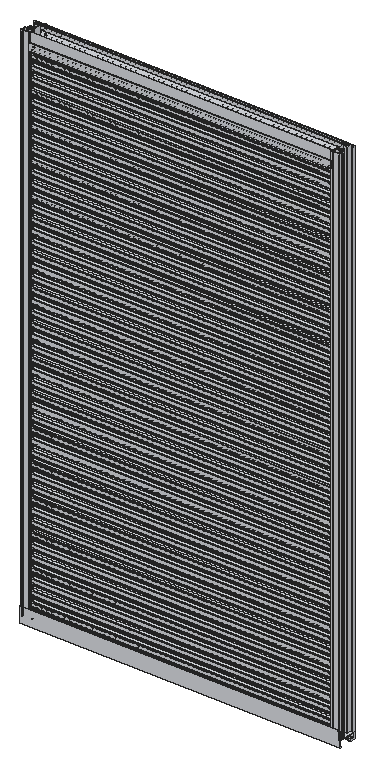
Revit family "All-Lite ECD-245", category Mechanical Equipment, host Wall, Revit 2013
Parameters
  Width Control = if(Width < Min Width, Min Width, if(Width > Max Width, Max Width, Width))  # 3' - 0"
  Width = 3' - 0"
  Warranty = "http://alllite.com/assets/All-Lite-Warranty.pdf"
  Free Area = "48'' × 48'' unit: 6.6 ft2 41.3%"  # constant formula
  Free Area Velocity @ Beginning Point of Water Penetration = "1172 fpm"  # constant formula
  Air Volume Delivered @ Beginning Point of Water Penetration = "7744 fpm"  # constant formula
  Pressure Loss @ Beginning Point of Water Penetration = ".37 in.wg."  # constant formula
  Velocity @ 0.15 in.wg. Pressure Loss = "760 fpm"  # constant formula
  Max Width to Center of Damper = 0' - 2 1/2"  # constant formula
  Jamb Height = Height - 0' 0 3/4"  # 4' - 11 1/4"
  Description = "The ECD-245 offers exceptional protection against winddriven\r\nrain under the most severe conditions. The ECD-245\r\nincorporates horizontal blades and is available in a wide\r\narray of anodized and painted finishes including custom\r\ncolor matching."  # constant formula
  Design Load = "20 psf"  # constant formula
  URL = "http://alllite.com/"
  Specifications = "http://www.alllite.com/catalog.php?model=ECD-245"
  Product URL = "http://www.alllite.com/catalog.php?model=ECD-245"
  Frame Material = none
  Face of Frame From Face of Wall = 0' - 0 1/2"
  Center Damper Control = if(Face of Frame From Face of Wall > 0' 2 1/2", Max Width to Center of Damper, Face of Frame From Face of Wall)  # 0' - 0 1/2"
  Omni Class Title = "Louver"  # constant formula
  Omni Class Code = "22-23 09 13 43"  # constant formula
  Minimum Size = "4'' x 5''"  # constant formula
  Maximum Size (Single Section) = "60'' x 120'', 120'' x 60''"  # constant formula
  Screen = "1/2'' × 0.063'' expanded and flattened aluminum"  # constant formula
  Mullion = "Visible"  # constant formula
  Maximum Size (Multiple Section) = "Unlimited"  # constant formula
  Model = "ECD-245"  # constant formula
  Min Width = 0' - 5"  # constant formula
  Min Height = 0' - 4"  # constant formula
  Max Width = 10' - 0"  # constant formula
  Max Height = 10' - 0"  # constant formula
  Manufacturer = "Pottorff"  # constant formula
  Blade Material = none
  Height Control = if(Height < Min Height, Min Height, if(Height > Max Height, Max Height, Height))  # 5' - 0"
  Height = 5' - 0"
  Frame = "2'' deep × 0.060'' thick channel"  # constant formula
  Default Height = 4' - 0"
  Cut Sheet = "http://alllite.com/media/resource/ECD245.pdf"
  Blades = "0.060'' thick horizontal chevron style"  # constant formula
  Blade Width = Width - 0' 2"  # 2' - 10"
  Assembly Code = "B2010300"
  Array = (Height - 0' 2 1/4") / 0' 1 3/16"  # 49
  95 CSI = ""
  04 CSI = ""
Reference planes (in)
  plane 1: y = 0
  plane 2 "Center (Left/Right)": x = 0
  plane 3 "Wall Edge": y = 3
  plane 4: x = -18
  plane 5 "blade": y = 2.5
  plane 6: z = 48
  plane 7: z = 108
  plane 8: z = 78
  plane 9: x = 18
  plane 10: z = 106.5
Lines and regions (in)
  Opening 1
    outline origin (-60, -3, 0) x (1, 0, 0) y (0, 0, 1)
      loop
        line (78, 108) -> (42, 108) -> (42, 48) -> (78, 48) -> (78, 108)
Text (in)
  text "Placement Side" at (0, 40.15149, 123.01588), in view "Right"
  text "Placement Side" at (-70.3804, 28.46503, 0), in view "Ref. Level"
  text "Placement Side" at (0, 81.62555, 140.59947), in view "Left"
Dimensions and locks (in)
  locked: plane 3 "Wall Edge" to host wall
  "Height": plane 6 to plane 7
  equal spacing: plane 4, plane 2 "Center (Left/Right)", plane 9
  "Default Height": level to plane 6
  equal spacing: plane 6, plane 8, plane 7
  "Width": plane 9 to plane 4
  locked: plane 10 to plane 7 at 1.5
  equal spacing: group 1, group 3, group 4, group 5, group 6, group 7, group 8, group 9, group 10, group 11, group 12, group 13, group 14, group 15, group 16, group 17, group 18, group 19, group 20, group 21, group 22, group 23, group 24, group 25, group 26, group 27, group 28, group 29, group 30, group 31, group 32, group 33, group 34, group 35, group 36, group 37, group 38, group 39, group 40, group 41, group 42, group 43, group 44, group 45, group 46, group 47, group 48, group 49, group 2  (x3)
  "Face of Frame From Face of Wall": plane 5 "blade" to host wall
  aligned and locked: Opening 1 sketch curve to plane 9
  aligned and locked: Opening 1 sketch curve to plane 4
  aligned and locked: plane 5 "blade" to nested 1
  aligned and locked: plane 4 to nested 2
  aligned and locked: nested 3 to plane 9
  aligned and locked: nested 3 to plane 5 "blade"
  aligned and locked: plane 5 "blade" to nested 2
  aligned and locked: nested 1 to plane 2 "Center (Left/Right)"
  aligned and locked: nested 4 to plane 6
  aligned and locked: plane 5 "blade" to nested 4
  aligned and locked: nested 3 to nested 4
  aligned and locked: nested 2 to nested 4
  aligned and locked: nested 5 to plane 7
  aligned and locked: nested 5 to plane 5 "blade"
  aligned and locked: plane 5 "blade" to nested 6
  aligned and locked: plane 7 to nested 6
  aligned and locked: nested 1 to nested 4
  aligned and locked: nested 7 to plane 10
  aligned and locked: plane 5 "blade" to nested 7
Automatic sketch dimensions
  Opening 1 sketch curve to plane 6 = 0' - 0"
  Opening 1 sketch curve to plane 7 = 0' - 0"
Nested families (in)
  nested 1: "M-54147 Blade" at (0, 2.5, 48.75) x (-1, 0, 0) z (0, 0, 1), type "M-54147 Blade"
    with W 2' - 10"
  nested 2: "M-54108 Jamb" at (-17, 2.5, 48.75) x (-1, 0, 0) z (0, 0, 1), type "M-54108 Jamb"
    with H 4' - 11 1/4"
  nested 3: "M-54108 Jamb" at (17, 2.5, 48.75), type "M-54108 Jamb"
    with H 4' - 11 1/4"
  nested 4: "M-54116 Base" at (0, 2.5, 48) x (-1, 0, 0) z (0, 0, 1), type "M-54116 Base"
    with W 3' - 0"
  nested 5: "M-54116 Base" at (0, 0.375, 106.25) x (-1, 0, 0) z (0, 0, 1), type "M-54116 Top"
    with W 2' - 10"
  nested 6: "M-54147 BladeTop" at (0, 2.5, 106.25) x (-1, 0, 0) z (0, 0, 1), type "M-54147 BladeTop"
    with W 2' - 10"
  nested 7: "M-54147 Blade" at (0, 2.5, 105.314) x (-1, 0, 0) z (0, 0, 1), type "M-54147 Blade"
    with W 2' - 10"
  nested 8: "M-54147 Blade" at (0, 2.5, 49.92842) x (-1, 0, 0) z (0, 0, 1), type "M-54147 Blade"
    with W 2' - 10"
  nested 9: "M-54147 Blade" at (0, 2.5, 51.10683) x (-1, 0, 0) z (0, 0, 1), type "M-54147 Blade"
    with W 2' - 10"
  nested 10: "M-54147 Blade" at (0, 2.5, 52.28525) x (-1, 0, 0) z (0, 0, 1), type "M-54147 Blade"
    with W 2' - 10"
  nested 11: "M-54147 Blade" at (0, 2.5, 53.46367) x (-1, 0, 0) z (0, 0, 1), type "M-54147 Blade"
    with W 2' - 10"
  nested 12: "M-54147 Blade" at (0, 2.5, 54.64208) x (-1, 0, 0) z (0, 0, 1), type "M-54147 Blade"
    with W 2' - 10"
  nested 13: "M-54147 Blade" at (0, 2.5, 55.8205) x (-1, 0, 0) z (0, 0, 1), type "M-54147 Blade"
    with W 2' - 10"
  nested 14: "M-54147 Blade" at (0, 2.5, 56.99892) x (-1, 0, 0) z (0, 0, 1), type "M-54147 Blade"
    with W 2' - 10"
  nested 15: "M-54147 Blade" at (0, 2.5, 58.17733) x (-1, 0, 0) z (0, 0, 1), type "M-54147 Blade"
    with W 2' - 10"
  nested 16: "M-54147 Blade" at (0, 2.5, 59.35575) x (-1, 0, 0) z (0, 0, 1), type "M-54147 Blade"
    with W 2' - 10"
  nested 17: "M-54147 Blade" at (0, 2.5, 60.53417) x (-1, 0, 0) z (0, 0, 1), type "M-54147 Blade"
    with W 2' - 10"
  nested 18: "M-54147 Blade" at (0, 2.5, 61.71258) x (-1, 0, 0) z (0, 0, 1), type "M-54147 Blade"
    with W 2' - 10"
  nested 19: "M-54147 Blade" at (0, 2.5, 62.891) x (-1, 0, 0) z (0, 0, 1), type "M-54147 Blade"
    with W 2' - 10"
  nested 20: "M-54147 Blade" at (0, 2.5, 64.06942) x (-1, 0, 0) z (0, 0, 1), type "M-54147 Blade"
    with W 2' - 10"
  nested 21: "M-54147 Blade" at (0, 2.5, 65.24783) x (-1, 0, 0) z (0, 0, 1), type "M-54147 Blade"
    with W 2' - 10"
  nested 22: "M-54147 Blade" at (0, 2.5, 66.42625) x (-1, 0, 0) z (0, 0, 1), type "M-54147 Blade"
    with W 2' - 10"
  nested 23: "M-54147 Blade" at (0, 2.5, 67.60467) x (-1, 0, 0) z (0, 0, 1), type "M-54147 Blade"
    with W 2' - 10"
  nested 24: "M-54147 Blade" at (0, 2.5, 68.78308) x (-1, 0, 0) z (0, 0, 1), type "M-54147 Blade"
    with W 2' - 10"
  nested 25: "M-54147 Blade" at (0, 2.5, 69.9615) x (-1, 0, 0) z (0, 0, 1), type "M-54147 Blade"
    with W 2' - 10"
  nested 26: "M-54147 Blade" at (0, 2.5, 71.13992) x (-1, 0, 0) z (0, 0, 1), type "M-54147 Blade"
    with W 2' - 10"
  nested 27: "M-54147 Blade" at (0, 2.5, 72.31833) x (-1, 0, 0) z (0, 0, 1), type "M-54147 Blade"
    with W 2' - 10"
  nested 28: "M-54147 Blade" at (0, 2.5, 73.49675) x (-1, 0, 0) z (0, 0, 1), type "M-54147 Blade"
    with W 2' - 10"
  nested 29: "M-54147 Blade" at (0, 2.5, 74.67517) x (-1, 0, 0) z (0, 0, 1), type "M-54147 Blade"
    with W 2' - 10"
  nested 30: "M-54147 Blade" at (0, 2.5, 75.85358) x (-1, 0, 0) z (0, 0, 1), type "M-54147 Blade"
    with W 2' - 10"
  nested 31: "M-54147 Blade" at (0, 2.5, 77.032) x (-1, 0, 0) z (0, 0, 1), type "M-54147 Blade"
    with W 2' - 10"
  nested 32: "M-54147 Blade" at (0, 2.5, 78.21042) x (-1, 0, 0) z (0, 0, 1), type "M-54147 Blade"
    with W 2' - 10"
  nested 33: "M-54147 Blade" at (0, 2.5, 79.38883) x (-1, 0, 0) z (0, 0, 1), type "M-54147 Blade"
    with W 2' - 10"
  nested 34: "M-54147 Blade" at (0, 2.5, 80.56725) x (-1, 0, 0) z (0, 0, 1), type "M-54147 Blade"
    with W 2' - 10"
  nested 35: "M-54147 Blade" at (0, 2.5, 81.74567) x (-1, 0, 0) z (0, 0, 1), type "M-54147 Blade"
    with W 2' - 10"
  nested 36: "M-54147 Blade" at (0, 2.5, 82.92408) x (-1, 0, 0) z (0, 0, 1), type "M-54147 Blade"
    with W 2' - 10"
  nested 37: "M-54147 Blade" at (0, 2.5, 84.1025) x (-1, 0, 0) z (0, 0, 1), type "M-54147 Blade"
    with W 2' - 10"
  nested 38: "M-54147 Blade" at (0, 2.5, 85.28092) x (-1, 0, 0) z (0, 0, 1), type "M-54147 Blade"
    with W 2' - 10"
  nested 39: "M-54147 Blade" at (0, 2.5, 86.45933) x (-1, 0, 0) z (0, 0, 1), type "M-54147 Blade"
    with W 2' - 10"
  nested 40: "M-54147 Blade" at (0, 2.5, 87.63775) x (-1, 0, 0) z (0, 0, 1), type "M-54147 Blade"
    with W 2' - 10"
  nested 41: "M-54147 Blade" at (0, 2.5, 88.81617) x (-1, 0, 0) z (0, 0, 1), type "M-54147 Blade"
    with W 2' - 10"
  nested 42: "M-54147 Blade" at (0, 2.5, 89.99458) x (-1, 0, 0) z (0, 0, 1), type "M-54147 Blade"
    with W 2' - 10"
  nested 43: "M-54147 Blade" at (0, 2.5, 91.173) x (-1, 0, 0) z (0, 0, 1), type "M-54147 Blade"
    with W 2' - 10"
  nested 44: "M-54147 Blade" at (0, 2.5, 92.35142) x (-1, 0, 0) z (0, 0, 1), type "M-54147 Blade"
    with W 2' - 10"
  nested 45: "M-54147 Blade" at (0, 2.5, 93.52983) x (-1, 0, 0) z (0, 0, 1), type "M-54147 Blade"
    with W 2' - 10"
  nested 46: "M-54147 Blade" at (0, 2.5, 94.70825) x (-1, 0, 0) z (0, 0, 1), type "M-54147 Blade"
    with W 2' - 10"
  nested 47: "M-54147 Blade" at (0, 2.5, 95.88667) x (-1, 0, 0) z (0, 0, 1), type "M-54147 Blade"
    with W 2' - 10"
  nested 48: "M-54147 Blade" at (0, 2.5, 97.06508) x (-1, 0, 0) z (0, 0, 1), type "M-54147 Blade"
    with W 2' - 10"
  nested 49: "M-54147 Blade" at (0, 2.5, 98.2435) x (-1, 0, 0) z (0, 0, 1), type "M-54147 Blade"
    with W 2' - 10"
  nested 50: "M-54147 Blade" at (0, 2.5, 99.42192) x (-1, 0, 0) z (0, 0, 1), type "M-54147 Blade"
    with W 2' - 10"
  nested 51: "M-54147 Blade" at (0, 2.5, 100.60033) x (-1, 0, 0) z (0, 0, 1), type "M-54147 Blade"
    with W 2' - 10"
  nested 52: "M-54147 Blade" at (0, 2.5, 101.77875) x (-1, 0, 0) z (0, 0, 1), type "M-54147 Blade"
    with W 2' - 10"
  nested 53: "M-54147 Blade" at (0, 2.5, 102.95717) x (-1, 0, 0) z (0, 0, 1), type "M-54147 Blade"
    with W 2' - 10"
  nested 54: "M-54147 Blade" at (0, 2.5, 104.13558) x (-1, 0, 0) z (0, 0, 1), type "M-54147 Blade"
    with W 2' - 10"
Definition of nested family "M-54147 Blade"
  Parameters (values of type "M-54147 Blade")
    W = 3' - 10"
    Blade = none
  Reference planes (in)
    plane 1 "Center (Front/Back)": y = 0
    plane 2: z = 0
    plane 3 "Center (Left/Right)": x = 0
    plane 4: x = 23
    plane 5: x = -23
    plane 6: z = 1.186
  Forms (in)
    Sweep 1, solid, material <- "Blade"
      path origin (0, 0, 0) x (1, 0, 0) y (0, 1, 0)
        loop
          line (-23, 0) -> (23, 0)
      profile origin (0, 0, 0) x (0, 1, 0) y (0, 0, 1)
        loop
          arc (0, 0.0134) -> (0.00882, 0.00044) -> (0.02411, 0.0039) r 0.01392
          line (0.02411, 0.0039) -> (0.49534, 0.50923)
          arc (0.49534, 0.50923) -> (0.59548, 0.60001) -> (0.70939, 0.67278) r 0.80602
          arc (0.70939, 0.67278) -> (0.76388, 0.69801) -> (0.82066, 0.71758) r 0.59055
          arc (0.82066, 0.71758) -> (0.9052, 0.75007) -> (0.98294, 0.79652) r 0.52819
          arc (0.98294, 0.79652) -> (1.01316, 0.80051) -> (1.03316, 0.77751) r 0.03219
          arc (1.03316, 0.77751) -> (1.07889, 0.75639) -> (1.08755, 0.80601) r 0.03177
          arc (1.08755, 0.80601) -> (1.07822, 0.82045) -> (1.0742, 0.83717) r 0.05114
          arc (1.0742, 0.83717) -> (1.07923, 0.87292) -> (1.09823, 0.90362) r 0.08781
          arc (1.09823, 0.90362) -> (1.2216, 0.90257) -> (1.21246, 0.77954) r 0.08451
          arc (1.21246, 0.77954) -> (1.20606, 0.74102) -> (1.24359, 0.73024) r 0.02935
          arc (1.24359, 0.73024) -> (1.25855, 0.73961) -> (1.27109, 0.75203) r 0.07973
          arc (1.27109, 0.75203) -> (1.29349, 0.76095) -> (1.31272, 0.74639) r 0.02455
          arc (1.31272, 0.74639) -> (1.33812, 0.70218) -> (1.37273, 0.66472) r 0.22785
          arc (1.37273, 0.66472) -> (1.41889, 0.62725) -> (1.46727, 0.59269) r 0.9634
          arc (1.46727, 0.59269) -> (1.53585, 0.53576) -> (1.59126, 0.46596) r 0.43133
          arc (1.59126, 0.46596) -> (1.60651, 0.44486) -> (1.62413, 0.42569) r 0.22208
          arc (1.62413, 0.42569) -> (1.63838, 0.4116) -> (1.65231, 0.39719) r 0.89626
          arc (1.65231, 0.39719) -> (1.70628, 0.35946) -> (1.77076, 0.34617) r 0.163
          line (1.77076, 0.34617) -> (1.86375, 0.34617) -> (1.86375, 0.07369) -> (1.74184, 0.14407)
          arc (1.74184, 0.14407) -> (1.71111, 0.13584) -> (1.71934, 0.1051) r 0.0225
          line (1.71934, 0.1051) -> (1.89783, 0.00205)
          arc (1.89783, 0.00205) -> (1.91594, 0.00205) -> (1.925, 0.01773) r 0.01811
          line (1.925, 0.01773) -> (1.925, 0.44228)
          arc (1.925, 0.44228) -> (1.91423, 0.48983) -> (1.88403, 0.52811) r 0.1104
          arc (1.88403, 0.52811) -> (1.85109, 0.52463) -> (1.85457, 0.4917) r 0.02342
          arc (1.85457, 0.4917) -> (1.87241, 0.4687) -> (1.87812, 0.44016) r 0.06356
          arc (1.87812, 0.44016) -> (1.869, 0.4196) -> (1.84814, 0.41117) r 0.03
          line (1.84814, 0.41117) -> (1.75958, 0.41117)
          arc (1.75958, 0.41117) -> (1.72023, 0.42115) -> (1.6904, 0.44871) r 0.08253
          arc (1.6904, 0.44871) -> (1.63347, 0.52576) -> (1.56777, 0.59548) r 0.80224
          arc (1.56777, 0.59548) -> (1.51092, 0.64528) -> (1.45065, 0.69086) r 1.05201
          arc (1.45065, 0.69086) -> (1.40886, 0.72575) -> (1.37349, 0.76712) r 0.32455
          arc (1.37349, 0.76712) -> (1.31371, 0.86658) -> (1.271, 0.97448) r 0.70708
          arc (1.271, 0.97448) -> (1.23844, 1.04354) -> (1.18741, 1.10033) r 0.26284
          arc (1.18741, 1.10033) -> (1.07965, 1.16271) -> (0.95734, 1.186) r 0.37172
          arc (0.95734, 1.186) -> (0.86331, 1.17324) -> (0.77763, 1.13243) r 0.30772
          arc (0.77763, 1.13243) -> (0.77109, 1.09769) -> (0.80583, 1.09115) r 0.025
          arc (0.80583, 1.09115) -> (0.85491, 1.11739) -> (0.90848, 1.13249) r 0.25772
          arc (0.90848, 1.13249) -> (1.05444, 1.12108) -> (1.1779, 1.0424) r 0.30223
          arc (1.1779, 1.0424) -> (1.184, 1.00879) -> (1.15565, 0.98974) r 0.0312
          arc (1.15565, 0.98974) -> (1.08924, 0.97283) -> (1.03785, 0.92748) r 0.14602
          arc (1.03785, 0.92748) -> (0.96216, 0.85209) -> (0.86505, 0.80754) r 0.30406
          arc (0.86505, 0.80754) -> (0.81467, 0.79343) -> (0.76487, 0.77738) r 1.34837
          arc (0.76487, 0.77738) -> (0.6559, 0.72893) -> (0.557, 0.66231) r 0.68468
          arc (0.557, 0.66231) -> (0.53319, 0.64067) -> (0.51157, 0.61685) r 0.33511
          arc (0.51157, 0.61685) -> (0.49546, 0.5979) -> (0.47878, 0.57945) r 0.81075
          line (0.47878, 0.57945) -> (0.045, 0.11429) -> (0.045, 0.41571)
          arc (0.045, 0.41571) -> (0.04577, 0.46841) -> (0, 0.44228) r 0.03034
          line (0, 0.44228) -> (0, 0.0134)
  Dimensions and locks (in)
    equal spacing: plane 5, plane 3 "Center (Left/Right)", plane 4
    "W": plane 5 to plane 4
    aligned and locked: plane 2 to level
    aligned and locked: plane 5 to Sweep 1 sketch curve
    aligned and locked: plane 4 to Sweep 1 sketch curve
  Automatic sketch dimensions
    plane 1 "Center (Front/Back)" to Sweep 1 sketch curve = 0' - 0"
    Sweep 1 sketch curve to Sweep 1 sketch curve = 0' - 0"  (x38)
    Sweep 1 sketch curve to profile plane = 0' - 0"
    level to Sweep 1 sketch curve = 0' - 0.00205"
    level to Sweep 1 sketch curve = 0' - 0 1/256"
    Sweep 1 sketch curve to profile plane = 0' - 0.02411"
    Sweep 1 sketch curve to profile plane = 0' - 0.045"
    Sweep 1 sketch curve to Sweep 1 sketch curve = 0' - 0.43378"
    Sweep 1 sketch curve to Sweep 1 sketch curve = 0' - 0.01656"
    level to Sweep 1 sketch curve = 0' - 0.1051"
    Sweep 1 sketch curve to Sweep 1 sketch curve = 0' - 1.22401"
    level to Sweep 1 sketch curve = 0' - 0.14407"
    Sweep 1 sketch curve to Sweep 1 sketch curve = 0' - 0.0225"
    Sweep 1 sketch curve to Sweep 1 sketch curve = 0' - 0.01774"
    Sweep 1 sketch curve to Sweep 1 sketch curve = 0' - 0.01118"
    Sweep 1 sketch curve to Sweep 1 sketch curve = 0' - 0.08856"
    level to Sweep 1 sketch curve = 0' - 0.07369"
    Sweep 1 sketch curve to Sweep 1 sketch curve = 0' - 0.12191"
    Sweep 1 sketch curve to Sweep 1 sketch curve = 0' - 0.03408"
    Sweep 1 sketch curve to Sweep 1 sketch curve = 0' - 0.07686"
    profile plane to Sweep 1 sketch curve = 0' - 0.11417"
    level to Sweep 1 sketch curve = 0' - 0.0134"
    Sweep 1 sketch curve to Sweep 1 sketch curve = 0' - 0.03034"
    Sweep 1 sketch curve to Sweep 1 sketch curve = 0' - 0.03279"
    Sweep 1 sketch curve to Sweep 1 sketch curve = 0' - 0.04544"
    Sweep 1 sketch curve to Sweep 1 sketch curve = 0' - 0.11715"
    Sweep 1 sketch curve to Sweep 1 sketch curve = 0' - 0.15239"
    Sweep 1 sketch curve to Sweep 1 sketch curve = 0' - 0.05548"
    Sweep 1 sketch curve to Sweep 1 sketch curve = 0' - 0.06082"
    Sweep 1 sketch curve to Sweep 1 sketch curve = 0' - 0.10347"
    Sweep 1 sketch curve to Sweep 1 sketch curve = 0' - 0.01114"
    Sweep 1 sketch curve to Sweep 1 sketch curve = 0' - 0.00296"
    Sweep 1 sketch curve to Sweep 1 sketch curve = 0' - 0.05579"
    Sweep 1 sketch curve to level = 0' - 0.17045"
    Sweep 1 sketch curve to Sweep 1 sketch curve = 0' - 0.0764"
    Sweep 1 sketch curve to Sweep 1 sketch curve = 0' - 0.0444"
    Sweep 1 sketch curve to Sweep 1 sketch curve = 0' - 0.10265"
    Sweep 1 sketch curve to Sweep 1 sketch curve = 0' - 0.08488"
    Sweep 1 sketch curve to Sweep 1 sketch curve = 0' - 0.00127"
    Sweep 1 sketch curve to Sweep 1 sketch curve = 0' - 0.04886"
    Sweep 1 sketch curve to Sweep 1 sketch curve = 0' - 0.00865"
    Sweep 1 sketch curve to Sweep 1 sketch curve = 0' - 0.03301"
    level to Sweep 1 sketch curve = 0' - 0.1502"
    Sweep 1 sketch curve to Sweep 1 sketch curve = 0' - 0.21425"
    Sweep 1 sketch curve to Sweep 1 sketch curve = 0' - 0.00305"
    Sweep 1 sketch curve to Sweep 1 sketch curve = 0' - 0.15441"
    Sweep 1 sketch curve to Sweep 1 sketch curve = 0' - 0.01882"
    level to Sweep 1 sketch curve = 0' - 0.01141"
    Sweep 1 sketch curve to Sweep 1 sketch curve = 0' - 0.03032"
    Sweep 1 sketch curve to Sweep 1 sketch curve = 0' - 0.06828"
    Sweep 1 sketch curve to Sweep 1 sketch curve = 0' - 0.0314"
    Sweep 1 sketch curve to Sweep 1 sketch curve = 0' - 0.01836"
    Sweep 1 sketch curve to Sweep 1 sketch curve = 0' - 0.03098"
    Sweep 1 sketch curve to Sweep 1 sketch curve = 0' - 0.01005"
    Sweep 1 sketch curve to level = 0' - 0.04047"
    Sweep 1 sketch curve to Sweep 1 sketch curve = 0' - 0.067"
    Sweep 1 sketch curve to Sweep 1 sketch curve = 0' - 0.0234"
    Sweep 1 sketch curve to Sweep 1 sketch curve = 0' - 0.06038"
    Sweep 1 sketch curve to Sweep 1 sketch curve = 0' - 0.05103"
    Sweep 1 sketch curve to Sweep 1 sketch curve = 0' - 0.05704"
    Sweep 1 sketch curve to Sweep 1 sketch curve = 0' - 0.00039"
    Sweep 1 sketch curve to Sweep 1 sketch curve = 0' - 0.03224"
    Sweep 1 sketch curve to Sweep 1 sketch curve = 0' - 0.00195"
    Sweep 1 sketch curve to Sweep 1 sketch curve = 0' - 0.00239"
    Sweep 1 sketch curve to Sweep 1 sketch curve = 0' - 0.02264"
    Sweep 1 sketch curve to Sweep 1 sketch curve = 0' - 0.00951"
    Sweep 1 sketch curve to Sweep 1 sketch curve = 0' - 0.20231"
    Sweep 1 sketch curve to Sweep 1 sketch curve = 0' - 0.04723"
    Sweep 1 sketch curve to Sweep 1 sketch curve = 0' - 0.00342"
    Sweep 1 sketch curve to Sweep 1 sketch curve = 0' - 0.24307"
    Sweep 1 sketch curve to Sweep 1 sketch curve = 0' - 0.01842"
    Sweep 1 sketch curve to Sweep 1 sketch curve = 0' - 0.01272"
    Sweep 1 sketch curve to Sweep 1 sketch curve = 0' - 0.09309"
    Sweep 1 sketch curve to Sweep 1 sketch curve = 0' - 0.0275"
    Sweep 1 sketch curve to Sweep 1 sketch curve = 0' - 0.01911"
    Sweep 1 sketch curve to Sweep 1 sketch curve = 0' - 0.02252"
    Sweep 1 sketch curve to Sweep 1 sketch curve = 0' - 0.06001"
    Sweep 1 sketch curve to Sweep 1 sketch curve = 0' - 0.06077"
    Sweep 1 sketch curve to Sweep 1 sketch curve = 0' - 0.07792"
    Sweep 1 sketch curve to Sweep 1 sketch curve = 0' - 0.01662"
    Sweep 1 sketch curve to Sweep 1 sketch curve = 0' - 0.07108"
    Sweep 1 sketch curve to Sweep 1 sketch curve = 0' - 0.1005"
    Sweep 1 sketch curve to Sweep 1 sketch curve = 0' - 0.02349"
    Sweep 1 sketch curve to Sweep 1 sketch curve = 0' - 0.03287"
    Sweep 1 sketch curve to Sweep 1 sketch curve = 0' - 0.11527"
    Sweep 1 sketch curve to Sweep 1 sketch curve = 0' - 0.02818"
    Sweep 1 sketch curve to Sweep 1 sketch curve = 0' - 0.03808"
    Sweep 1 sketch curve to Sweep 1 sketch curve = 0' - 0.01125"
    Sweep 1 sketch curve to Sweep 1 sketch curve = 0' - 0.00777"
    Sweep 1 sketch curve to Sweep 1 sketch curve = 0' - 0.03354"
    Sweep 1 sketch curve to Sweep 1 sketch curve = 0' - 0.00643"
    Sweep 1 sketch curve to Sweep 1 sketch curve = 0' - 0.01473"  (x2)
    Sweep 1 sketch curve to Sweep 1 sketch curve = 0' - 0.02998"
    level to Sweep 1 sketch curve = 0' - 0.01773"
    Sweep 1 sketch curve to Sweep 1 sketch curve = 0' - 0.31058"
    Sweep 1 sketch curve to Sweep 1 sketch curve = 0' - 0.05517"
    Sweep 1 sketch curve to Sweep 1 sketch curve = 0' - 0.10089"
    Sweep 1 sketch curve to Sweep 1 sketch curve = 0' - 0.30142"
    Sweep 1 sketch curve to Sweep 1 sketch curve = 0' - 0.07022"
Definition of nested family "M-54108 Jamb"
  Parameters (values of type "M-54108 Jamb")
    W = 4' - 0"
    H = 3' - 8.75135"
    Blade = none
  Reference planes (in)
    plane 1 "Center (Front/Back)": y = 0
    plane 2: z = 0
    plane 3 "Center (Left/Right)": x = 0
    plane 4: x = 24
    plane 5: x = -24
    plane 6: z = 44.75135
    plane 7: y = 2.045
    plane 8: x = 1
  Forms (in)
    Sweep 1, solid
      path origin (0, 0, 0) x (0, 1, 0) y (0, 0, 1)
        loop
          line (0, 0) -> (0, 44.75135)
      profile origin (0, 0, 22.37567) x (0, -1, 0) y (1, 0, 0)
        loop
          line (0, 0) -> (0, 1) -> (-0.1606, 1)
          arc (-0.1606, 1) -> (-0.18886, 0.97175) -> (-0.1606, 0.94349) r 0.02825
          line (-0.1606, 0.94349) -> (-0.1039, 0.94349)
          arc (-0.1039, 0.94349) -> (-0.07324, 0.9308) -> (-0.06055, 0.90014) r 0.04335
          line (-0.06055, 0.90014) -> (-0.06055, 0.67732)
          arc (-0.06055, 0.67732) -> (-0.07223, 0.64911) -> (-0.10044, 0.63743) r 0.03989
          line (-0.10044, 0.63743) -> (-0.49602, 0.63743)
          arc (-0.49602, 0.63743) -> (-0.53778, 0.62013) -> (-0.55508, 0.57837) r 0.05905
          line (-0.55508, 0.57837) -> (-0.55508, 0.18724) -> (-1.09837, 0.18724) -> (-1.09837, 0.58861)
          arc (-1.09837, 0.58861) -> (-1.10139, 0.62581) -> (-1.11036, 0.66203) r 0.23092
          arc (-1.11036, 0.66203) -> (-1.12256, 0.68906) -> (-1.13991, 0.7131) r 0.14775
          arc (-1.13991, 0.7131) -> (-1.17972, 0.71667) -> (-1.18565, 0.67715) r 0.02914
          arc (-1.18565, 0.67715) -> (-1.17553, 0.66096) -> (-1.16701, 0.64389) r 0.19921
          arc (-1.16701, 0.64389) -> (-1.16795, 0.57762) -> (-1.21871, 0.53502) r 0.07963
          arc (-1.21871, 0.53502) -> (-1.26035, 0.53286) -> (-1.29902, 0.54845) r 0.09664
          arc (-1.29902, 0.54845) -> (-1.31598, 0.56611) -> (-1.32452, 0.58906) r 0.06024
          arc (-1.32452, 0.58906) -> (-1.3216, 0.63358) -> (-1.30025, 0.67274) r 0.10365
          arc (-1.30025, 0.67274) -> (-1.30108, 0.71386) -> (-1.34209, 0.71704) r 0.03061
          arc (-1.34209, 0.71704) -> (-1.36492, 0.69326) -> (-1.37991, 0.66388) r 0.11278
          arc (-1.37991, 0.66388) -> (-1.39061, 0.6494) -> (-1.40775, 0.64389) r 0.02938
          line (-1.40775, 0.64389) -> (-1.49301, 0.64389)
          arc (-1.49301, 0.64389) -> (-1.50944, 0.65069) -> (-1.51625, 0.66712) r 0.02323
          line (-1.51625, 0.66712) -> (-1.51625, 0.97306)
          arc (-1.51625, 0.97306) -> (-1.52414, 0.99211) -> (-1.54318, 1) r 0.02694
          line (-1.54318, 1) -> (-1.63864, 1) -> (-1.63864, 0.94419) -> (-1.57704, 0.94419) -> (-1.57704, 0.84741) -> (-1.95566, 0.84741)
          arc (-1.95566, 0.84741) -> (-1.97812, 0.85671) -> (-1.98743, 0.87917) r 0.03176
          line (-1.98743, 0.87917) -> (-1.98743, 0.91139)
          arc (-1.98743, 0.91139) -> (-1.97782, 0.93458) -> (-1.95463, 0.94419) r 0.03279
          line (-1.95463, 0.94419) -> (-1.86351, 0.94419) -> (-1.86351, 1) -> (-2.045, 1) -> (-2.045, 0) -> (-2.00207, 0) -> (-2.00207, 0.12697) -> (-1.95569, 0.12697) -> (-1.95569, 0.18982) -> (-1.98743, 0.18982) -> (-1.98743, 0.75416)
          arc (-1.98743, 0.75416) -> (-1.97705, 0.77921) -> (-1.952, 0.78958) r 0.03542
          line (-1.952, 0.78958) -> (-1.61581, 0.78958)
          arc (-1.61581, 0.78958) -> (-1.5884, 0.77823) -> (-1.57704, 0.75082) r 0.03877
          line (-1.57704, 0.75082) -> (-1.57704, 0.12697) -> (-1.53109, 0.12697) -> (-1.53109, 0.55275)
          arc (-1.53109, 0.55275) -> (-1.52377, 0.57043) -> (-1.50609, 0.57775) r 0.025
          line (-1.50609, 0.57775) -> (-1.41487, 0.57775)
          arc (-1.41487, 0.57775) -> (-1.38378, 0.56487) -> (-1.3709, 0.53379) r 0.04396
          line (-1.3709, 0.53379) -> (-1.3709, 0.12697) -> (-1.32452, 0.12697) -> (-1.32452, 0.44763)
          arc (-1.32452, 0.44763) -> (-1.31519, 0.46603) -> (-1.29483, 0.46935) r 0.02279
          arc (-1.29483, 0.46935) -> (-1.24256, 0.46155) -> (-1.19047, 0.47051) r 0.16664
          arc (-1.19047, 0.47051) -> (-1.16682, 0.46704) -> (-1.15589, 0.44578) r 0.02613
          line (-1.15589, 0.44578) -> (-1.15589, 0.12697) -> (-0.48886, 0.12697) -> (-0.48886, 0.55405)
          arc (-0.48886, 0.55405) -> (-0.48062, 0.57394) -> (-0.46073, 0.58218) r 0.02813
          line (-0.46073, 0.58218) -> (-0.33075, 0.58218)
          arc (-0.33075, 0.58218) -> (-0.30938, 0.57333) -> (-0.30053, 0.55196) r 0.03022
          line (-0.30053, 0.55196) -> (-0.30053, 0.12697) -> (-0.25426, 0.12697) -> (-0.25426, 0.54907)
          arc (-0.25426, 0.54907) -> (-0.24456, 0.57248) -> (-0.22114, 0.58218) r 0.03312
          line (-0.22114, 0.58218) -> (-0.0921, 0.58218)
          arc (-0.0921, 0.58218) -> (-0.06979, 0.57294) -> (-0.06055, 0.55063) r 0.03155
          line (-0.06055, 0.55063) -> (-0.06055, 0.18724) -> (-0.09283, 0.18724) -> (-0.09283, 0.12697) -> (-0.04539, 0.12697) -> (-0.04539, 0) -> (0, 0)
  Dimensions and locks (in)
    equal spacing: plane 5, plane 3 "Center (Left/Right)", plane 4
    "W": plane 5 to plane 4
    "H": plane 6 to plane 2
    aligned and locked: plane 2 to level
    aligned and locked: plane 6 to Sweep 1 sketch curve
    aligned and locked: level to Sweep 1 sketch curve
  Automatic sketch dimensions
    Sweep 1 sketch curve to plane 1 "Center (Front/Back)" = 0' - 0"
    Sweep 1 sketch curve to Sweep 1 sketch curve = 0' - 0"  (x15)
    Sweep 1 sketch curve to plane 3 "Center (Left/Right)" = 0' - 0"  (x2)
    Sweep 1 sketch curve to profile plane = 0' - 0"
    plane 3 "Center (Left/Right)" to Sweep 1 sketch curve = 0' - 0.12697"  (x6)
    profile plane to Sweep 1 sketch curve = 0' - 0.04539"
    profile plane to Sweep 1 sketch curve = 0' - 0.06055"  (x2)
    Sweep 1 sketch curve to Sweep 1 sketch curve = 0' - 0.03155"
    Sweep 1 sketch curve to Sweep 1 sketch curve = 0' - 0.04744"
    Sweep 1 sketch curve to Sweep 1 sketch curve = 0' - 0.00833"
    Sweep 1 sketch curve to Sweep 1 sketch curve = 0' - 0.04335"
    Sweep 1 sketch curve to Sweep 1 sketch curve = 0' - 0.05671"
    Sweep 1 sketch curve to Sweep 1 sketch curve = 0' - 0.12904"
    Sweep 1 sketch curve to Sweep 1 sketch curve = 0' - 0.16142"
    Sweep 1 sketch curve to Sweep 1 sketch curve = 0' - 0.04627"
    Sweep 1 sketch curve to Sweep 1 sketch curve = 0' - 0.03022"
    Sweep 1 sketch curve to Sweep 1 sketch curve = 0' - 0.12997"
    Sweep 1 sketch curve to Sweep 1 sketch curve = 0' - 0.18833"
    Sweep 1 sketch curve to Sweep 1 sketch curve = 0' - 0.0353"
    Sweep 1 sketch curve to Sweep 1 sketch curve = 0' - 0.06622"
    Sweep 1 sketch curve to Sweep 1 sketch curve = 0' - 0.5433"
    Sweep 1 sketch curve to Sweep 1 sketch curve = 0' - 0.05751"
    Sweep 1 sketch curve to Sweep 1 sketch curve = 0' - 0.16863"
    Sweep 1 sketch curve to Sweep 1 sketch curve = 0' - 0.04638"  (x2)
    Sweep 1 sketch curve to Sweep 1 sketch curve = 0' - 0.03684"
    Sweep 1 sketch curve to Sweep 1 sketch curve = 0' - 0.04396"
    Sweep 1 sketch curve to Sweep 1 sketch curve = 0' - 0.08527"
    Sweep 1 sketch curve to Sweep 1 sketch curve = 0' - 0.01308"
    Sweep 1 sketch curve to Sweep 1 sketch curve = 0' - 0.02323"
    Sweep 1 sketch curve to Sweep 1 sketch curve = 0' - 0.025"
    Sweep 1 sketch curve to Sweep 1 sketch curve = 0' - 0.02694"
    Sweep 1 sketch curve to Sweep 1 sketch curve = 0' - 0.04595"
    Sweep 1 sketch curve to Sweep 1 sketch curve = 0' - 0.03877"
    Sweep 1 sketch curve to Sweep 1 sketch curve = 0' - 0.0616"
    Sweep 1 sketch curve to Sweep 1 sketch curve = 0' - 0.22487"
    Sweep 1 sketch curve to Sweep 1 sketch curve = 0' - 0.08849"
    Sweep 1 sketch curve to Sweep 1 sketch curve = 0' - 0.09112"
    Sweep 1 sketch curve to Sweep 1 sketch curve = 0' - 0.00366"
    plane 3 "Center (Left/Right)" to Sweep 1 sketch curve = 0' - 0.18982"
    Sweep 1 sketch curve to Sweep 1 sketch curve = 0' - 0.37865"
    Sweep 1 sketch curve to Sweep 1 sketch curve = 0' - 0.03542"
    Sweep 1 sketch curve to Sweep 1 sketch curve = 0' - 0.03279"
    Sweep 1 sketch curve to Sweep 1 sketch curve = 0' - 0.04293"
    Sweep 1 sketch curve to Sweep 1 sketch curve = 0' - 0.02784"
    Sweep 1 sketch curve to Sweep 1 sketch curve = 0' - 0.0216"
    Sweep 1 sketch curve to Sweep 1 sketch curve = 0' - 0.03782"
    Sweep 1 sketch curve to Sweep 1 sketch curve = 0' - 0.02002"
    Sweep 1 sketch curve to Sweep 1 sketch curve = 0' - 0.00477"
    Sweep 1 sketch curve to Sweep 1 sketch curve = 0' - 0.01875"
    Sweep 1 sketch curve to Sweep 1 sketch curve = 0' - 0.02279"
    Sweep 1 sketch curve to Sweep 1 sketch curve = 0' - 0.02309"
    Sweep 1 sketch curve to Sweep 1 sketch curve = 0' - 0.02551"
    Sweep 1 sketch curve to Sweep 1 sketch curve = 0' - 0.0069"
    Sweep 1 sketch curve to Sweep 1 sketch curve = 0' - 0.02722"
    Sweep 1 sketch curve to Sweep 1 sketch curve = 0' - 0.00806"
    Sweep 1 sketch curve to Sweep 1 sketch curve = 0' - 0.01453"
    Sweep 1 sketch curve to Sweep 1 sketch curve = 0' - 0.00604"
    Sweep 1 sketch curve to Sweep 1 sketch curve = 0' - 0.01056"
    Sweep 1 sketch curve to Sweep 1 sketch curve = 0' - 0.01782"
    Sweep 1 sketch curve to Sweep 1 sketch curve = 0' - 0.00335"
    Sweep 1 sketch curve to Sweep 1 sketch curve = 0' - 0.03459"
    Sweep 1 sketch curve to Sweep 1 sketch curve = 0' - 0.05875"
    Sweep 1 sketch curve to Sweep 1 sketch curve = 0' - 0.01864"
    Sweep 1 sketch curve to Sweep 1 sketch curve = 0' - 0.02394"
    Sweep 1 sketch curve to Sweep 1 sketch curve = 0' - 0.0218"
    Sweep 1 sketch curve to Sweep 1 sketch curve = 0' - 0.02955"
    Sweep 1 sketch curve to Sweep 1 sketch curve = 0' - 0.06026"  (x2)
    Sweep 1 sketch curve to Sweep 1 sketch curve = 0' - 0.25855"
    Sweep 1 sketch curve to Sweep 1 sketch curve = 0' - 0.02977"
    Sweep 1 sketch curve to Sweep 1 sketch curve = 0' - 0.36183"
    Sweep 1 sketch curve to Sweep 1 sketch curve = 0' - 0.0029"
    Sweep 1 sketch curve to Sweep 1 sketch curve = 0' - 0.02432"
    Sweep 1 sketch curve to Sweep 1 sketch curve = 0' - 0.08369"
    Sweep 1 sketch curve to Sweep 1 sketch curve = 0' - 0.05782"
    Sweep 1 sketch curve to Sweep 1 sketch curve = 0' - 0.22283"
    Sweep 1 sketch curve to Sweep 1 sketch curve = 0' - 0.03222"
    Sweep 1 sketch curve to Sweep 1 sketch curve = 0' - 0.09678"
    Sweep 1 sketch curve to Sweep 1 sketch curve = 0' - 0.02888"
    Sweep 1 sketch curve to Sweep 1 sketch curve = 0' - 0.05581"
    Sweep 1 sketch curve to Sweep 1 sketch curve = 0' - 0.05651"
Definition of nested family "M-54116 Base"
  Parameters (values of type "M-54116 Base")
    W = 3' - 10"
    Blade = none
  Reference planes (in)
    plane 1 "Center (Front/Back)": y = 0
    plane 2: z = 0
    plane 3 "Center (Left/Right)": x = 0
    plane 4: x = 23
    plane 5: x = -23
  Forms (in)
    Sweep 1, solid, material <- "Blade"
      path origin (0, 0, 0) x (1, 0, 0) y (0, 1, 0)
        loop
          line (-23, 0) -> (23, 0)
      profile origin (0, 0, 0) x (0, 1, 0) y (0, 0, 1)
        loop
          line (0, 0) -> (0.1683, 0) -> (0.1683, 0.065) -> (0.09, 0.065)
          arc (0.09, 0.065) -> (0.07232, 0.07232) -> (0.065, 0.09) r 0.025
          line (0.065, 0.09) -> (0.065, 0.12327)
          arc (0.065, 0.12327) -> (0.07232, 0.14095) -> (0.09, 0.14827) r 0.025
          line (0.09, 0.14827) -> (0.41935, 0.14827)
          arc (0.41935, 0.14827) -> (0.43703, 0.14095) -> (0.44435, 0.12327) r 0.025
          line (0.44435, 0.12327) -> (0.44435, 0.09)
          arc (0.44435, 0.09) -> (0.43703, 0.07232) -> (0.41935, 0.065) r 0.025
          line (0.41935, 0.065) -> (0.3786, 0.065) -> (0.3786, 0) -> (0.48435, 0)
          arc (0.48435, 0) -> (0.50203, 0.00732) -> (0.50935, 0.025) r 0.025
          line (0.50935, 0.025) -> (0.50935, 0.18827)
          arc (0.50935, 0.18827) -> (0.50203, 0.20595) -> (0.48435, 0.21327) r 0.025
          line (0.48435, 0.21327) -> (0.09, 0.21327)
          arc (0.09, 0.21327) -> (0.07232, 0.22059) -> (0.065, 0.23827) r 0.025
          line (0.065, 0.23827) -> (0.065, 0.66)
          arc (0.065, 0.66) -> (0.07232, 0.67768) -> (0.09, 0.685) r 0.025
          line (0.09, 0.685) -> (2.035, 0.685)
          arc (2.035, 0.685) -> (2.05268, 0.67768) -> (2.06, 0.66) r 0.025
          line (2.06, 0.66) -> (2.06, 0.08967)
          arc (2.06, 0.08967) -> (2.05268, 0.07199) -> (2.035, 0.06467) r 0.025
          line (2.035, 0.06467) -> (1.94543, 0.06467) -> (1.94543, 0) -> (2.125, 0) -> (2.125, 1.75) -> (2.06, 1.75) -> (2.06, 0.75) -> (0, 0.75) -> (0, 0)
  Dimensions and locks (in)
    equal spacing: plane 5, plane 3 "Center (Left/Right)", plane 4
    "W": plane 5 to plane 4
    aligned and locked: plane 2 to level
    aligned and locked: plane 5 to Sweep 1 sketch curve
    aligned and locked: plane 4 to Sweep 1 sketch curve
  Automatic sketch dimensions
    plane 1 "Center (Front/Back)" to Sweep 1 sketch curve = 0' - 0"
    Sweep 1 sketch curve to profile plane = 0' - 0"
    Sweep 1 sketch curve to level = 0' - 0"  (x3)
    level to Sweep 1 sketch curve = 0' - 0.025"
    Sweep 1 sketch curve to profile plane = 0' - 0.065"  (x2)
    Sweep 1 sketch curve to Sweep 1 sketch curve = 0' - 0.025"  (x7)
    Sweep 1 sketch curve to Sweep 1 sketch curve = 0' - 0.0783"
    Sweep 1 sketch curve to Sweep 1 sketch curve = 0' - 0.2103"
    Sweep 1 sketch curve to Sweep 1 sketch curve = 0' - 0.04075"
    Sweep 1 sketch curve to Sweep 1 sketch curve = 0' - 0"  (x2)
    Sweep 1 sketch curve to Sweep 1 sketch curve = 0' - 0.065"  (x5)
    Sweep 1 sketch curve to Sweep 1 sketch curve = 0' - 1.43608"
    Sweep 1 sketch curve to Sweep 1 sketch curve = 0' - 0.08957"
    level to Sweep 1 sketch curve = 0' - 0.065"  (x2)
    level to Sweep 1 sketch curve = 0' - 0.06467"
    Sweep 1 sketch curve to Sweep 1 sketch curve = 0' - 0.03327"
    Sweep 1 sketch curve to Sweep 1 sketch curve = 0' - 0.42173"
    Sweep 1 sketch curve to Sweep 1 sketch curve = 0' - 1"
Definition of nested family "M-54147 BladeTop"
  Parameters (values of type "M-54147 BladeTop")
    W = 3' - 10"
    Blade = none
  Reference planes (in)
    plane 1 "Center (Front/Back)": y = 0
    plane 2: z = 0
    plane 3 "Center (Left/Right)": x = 0
    plane 4: x = 23
    plane 5: x = -23
  Forms (in)
    Sweep 1, solid, material <- "Blade"
      path origin (0, 0, 0) x (1, 0, 0) y (0, 1, 0)
        loop
          line (-23, 0) -> (23, 0)
      profile origin (0, 0, 0) x (0, 1, 0) y (0, 0, 1)
        loop
          arc (0, 0.0134) -> (0.00882, 0.00044) -> (0.02411, 0.0039) r 0.01392
          line (0.02411, 0.0039) -> (0.49534, 0.50923)
          arc (0.49534, 0.50923) -> (0.57739, 0.57547) -> (0.67465, 0.61622) r 0.3747
          arc (0.67465, 0.61622) -> (0.99121, 0.65086) -> (1.30427, 0.59255) r 1.09021
          arc (1.30427, 0.59255) -> (1.47884, 0.51594) -> (1.63838, 0.4116) r 1.15231
          arc (1.63838, 0.4116) -> (1.75242, 0.32005) -> (1.86375, 0.22524) r 5.05151
          line (1.86375, 0.22524) -> (1.86375, 0.07369) -> (1.74184, 0.14407)
          arc (1.74184, 0.14407) -> (1.71111, 0.13584) -> (1.71934, 0.1051) r 0.0225
          line (1.71934, 0.1051) -> (1.89783, 0.00205)
          arc (1.89783, 0.00205) -> (1.91594, 0.00205) -> (1.925, 0.01773) r 0.01811
          line (1.925, 0.01773) -> (1.925, 1.75) -> (1.86375, 1.75) -> (1.86375, 0.34581)
          arc (1.86375, 0.34581) -> (1.84707, 0.32132) -> (1.81818, 0.3279) r 0.02631
          arc (1.81818, 0.3279) -> (1.59041, 0.51938) -> (1.32286, 0.6496) r 1.21231
          arc (1.32286, 0.6496) -> (1.3044, 0.66769) -> (1.30685, 0.69342) r 0.03
          arc (1.30685, 0.69342) -> (1.32709, 0.77772) -> (1.29544, 0.85844) r 0.14451
          arc (1.29544, 0.85844) -> (1.25326, 0.86297) -> (1.24872, 0.82079) r 0.03
          arc (1.24872, 0.82079) -> (1.1739, 0.68373) -> (1.12989, 0.83355) r 0.08451
          arc (1.12989, 0.83355) -> (1.13442, 0.87573) -> (1.09224, 0.88026) r 0.03
          arc (1.09224, 0.88026) -> (1.04671, 0.81601) -> (1.04163, 0.73743) r 0.14451
          arc (1.04163, 0.73743) -> (1.0366, 0.71763) -> (1.01779, 0.70964) r 0.023
          arc (1.01779, 0.70964) -> (0.81674, 0.70385) -> (0.61976, 0.66313) r 1.15021
          arc (0.61976, 0.66313) -> (0.58445, 0.66388) -> (0.55627, 0.68518) r 0.05739
          line (0.55627, 0.68518) -> (0.08809, 1.35381)
          arc (0.08809, 1.35381) -> (0.08652, 1.37762) -> (0.10693, 1.39) r 0.023
          line (0.10693, 1.39) -> (0.48623, 1.39)
          arc (0.48623, 1.39) -> (0.5025, 1.39674) -> (0.50923, 1.413) r 0.023
          line (0.50923, 1.413) -> (0.50923, 1.75) -> (0.35714, 1.75) -> (0.35714, 1.69) -> (0.42623, 1.69)
          arc (0.42623, 1.69) -> (0.4425, 1.68326) -> (0.44923, 1.667) r 0.023
          line (0.44923, 1.667) -> (0.44923, 1.473)
          arc (0.44923, 1.473) -> (0.4425, 1.45674) -> (0.42623, 1.45) r 0.023
          line (0.42623, 1.45) -> (0.083, 1.45)
          arc (0.083, 1.45) -> (0.06674, 1.45674) -> (0.06, 1.473) r 0.023
          line (0.06, 1.473) -> (0.06, 1.667)
          arc (0.06, 1.667) -> (0.06674, 1.68326) -> (0.083, 1.69) r 0.023
          line (0.083, 1.69) -> (0.1278, 1.69) -> (0.1278, 1.75) -> (0, 1.75) -> (0, 1.375) -> (0.50567, 0.65283)
          arc (0.50567, 0.65283) -> (0.51251, 0.62816) -> (0.5023, 0.60468) r 0.03834
          line (0.5023, 0.60468) -> (0.045, 0.11429) -> (0.045, 0.72821)
          arc (0.045, 0.72821) -> (0.04577, 0.78091) -> (0, 0.75478) r 0.03034
          line (0, 0.75478) -> (0, 0.0134)
  Dimensions and locks (in)
    equal spacing: plane 5, plane 3 "Center (Left/Right)", plane 4
    "W": plane 5 to plane 4
    aligned and locked: plane 2 to level
    aligned and locked: plane 5 to Sweep 1 sketch curve
    aligned and locked: plane 4 to Sweep 1 sketch curve
  Automatic sketch dimensions
    plane 1 "Center (Front/Back)" to Sweep 1 sketch curve = 0' - 0"
    Sweep 1 sketch curve to Sweep 1 sketch curve = 0' - 0"  (x22)
    Sweep 1 sketch curve to profile plane = 0' - 0"  (x2)
    level to Sweep 1 sketch curve = 0' - 0.00205"
    level to Sweep 1 sketch curve = 0' - 0 1/256"
    Sweep 1 sketch curve to profile plane = 0' - 0.02411"
    Sweep 1 sketch curve to profile plane = 0' - 0.045"
    Sweep 1 sketch curve to profile plane = 0' - 0.06"
    Sweep 1 sketch curve to Sweep 1 sketch curve = 0' - 0.023"  (x3)
    Sweep 1 sketch curve to profile plane = 0' - 0.08809"
    Sweep 1 sketch curve to Sweep 1 sketch curve = 0' - 0.01884"
    Sweep 1 sketch curve to Sweep 1 sketch curve = 0' - 0.0448"
    Sweep 1 sketch curve to Sweep 1 sketch curve = 0' - 0.22934"
    Sweep 1 sketch curve to Sweep 1 sketch curve = 0' - 0.06909"
    Sweep 1 sketch curve to Sweep 1 sketch curve = 0' - 0.06"  (x3)
    Sweep 1 sketch curve to profile plane = 0' - 0.49534"
    Sweep 1 sketch curve to Sweep 1 sketch curve = 0' - 0.00697"
    Sweep 1 sketch curve to Sweep 1 sketch curve = 0' - 0.00337"
    Sweep 1 sketch curve to Sweep 1 sketch curve = 0' - 0.083"
    Sweep 1 sketch curve to Sweep 1 sketch curve = 0' - 0.05059"
    level to Sweep 1 sketch curve = 0' - 0.1051"
    Sweep 1 sketch curve to Sweep 1 sketch curve = 0' - 1.22401"
    level to Sweep 1 sketch curve = 0' - 0.14407"
    Sweep 1 sketch curve to Sweep 1 sketch curve = 0' - 0.0225"
    level to Sweep 1 sketch curve = 0' - 0.07369"
    Sweep 1 sketch curve to Sweep 1 sketch curve = 0' - 0.12191"
    Sweep 1 sketch curve to Sweep 1 sketch curve = 0' - 1.35452"
    Sweep 1 sketch curve to Sweep 1 sketch curve = 0' - 0.03408"
    level to Sweep 1 sketch curve = 0' - 0.01773"
    Sweep 1 sketch curve to Sweep 1 sketch curve = 0' - 0.02717"
    profile plane to Sweep 1 sketch curve = 0' - 1.46666"
    level to Sweep 1 sketch curve = 0' - 0.0134"
    Sweep 1 sketch curve to Sweep 1 sketch curve = 0' - 0.03034"
    Sweep 1 sketch curve to Sweep 1 sketch curve = 0' - 0.03141"
    Sweep 1 sketch curve to Sweep 1 sketch curve = 0' - 0.04701"
    Sweep 1 sketch curve to Sweep 1 sketch curve = 0' - 0.01649"
    Sweep 1 sketch curve to Sweep 1 sketch curve = 0' - 0.05489"
    level to Sweep 1 sketch curve = 0' - 0.25369"
    Sweep 1 sketch curve to Sweep 1 sketch curve = 0' - 0.09472"
    Sweep 1 sketch curve to Sweep 1 sketch curve = 0' - 0.16071"
    Sweep 1 sketch curve to Sweep 1 sketch curve = 0' - 0.02017"
    Sweep 1 sketch curve to Sweep 1 sketch curve = 0' - 0.34314"
    Sweep 1 sketch curve to Sweep 1 sketch curve = 0' - 0.00135"
    Sweep 1 sketch curve to Sweep 1 sketch curve = 0' - 0.02249"
    Sweep 1 sketch curve to Sweep 1 sketch curve = 0' - 0.05061"
    Sweep 1 sketch curve to Sweep 1 sketch curve = 0' - 0.01883"
    Sweep 1 sketch curve to Sweep 1 sketch curve = 0' - 0.05303"
    Sweep 1 sketch curve to Sweep 1 sketch curve = 0' - 0.0658"
    Sweep 1 sketch curve to Sweep 1 sketch curve = 0' - 0.02336"
    Sweep 1 sketch curve to Sweep 1 sketch curve = 0' - 0.12134"
    Sweep 1 sketch curve to Sweep 1 sketch curve = 0' - 0.00258"
    Sweep 1 sketch curve to Sweep 1 sketch curve = 0' - 0.01601"
    Sweep 1 sketch curve to Sweep 1 sketch curve = 0' - 0.00972"
    Sweep 1 sketch curve to Sweep 1 sketch curve = 0' - 0.22537"
    Sweep 1 sketch curve to Sweep 1 sketch curve = 0' - 0.01125"
    Sweep 1 sketch curve to Sweep 1 sketch curve = 0' - 0.04558"
    Sweep 1 sketch curve to Sweep 1 sketch curve = 0' - 0.01927"
    Sweep 1 sketch curve to Sweep 1 sketch curve = 0' - 0.10089"
    Sweep 1 sketch curve to Sweep 1 sketch curve = 0' - 0.09545"
    Sweep 1 sketch curve to Sweep 1 sketch curve = 0' - 0.04814"
    Sweep 1 sketch curve to Sweep 1 sketch curve = 0' - 0.09737"
    Sweep 1 sketch curve to Sweep 1 sketch curve = 0' - 0.59903"
    Sweep 1 sketch curve to Sweep 1 sketch curve = 0' - 0.02119"
    Sweep 1 sketch curve to Sweep 1 sketch curve = 0' - 0.03619"
    Sweep 1 sketch curve to Sweep 1 sketch curve = 0' - 0.037"
    Sweep 1 sketch curve to Sweep 1 sketch curve = 0' - 0.194"  (x2)
    Sweep 1 sketch curve to Sweep 1 sketch curve = 0' - 0.89156"
